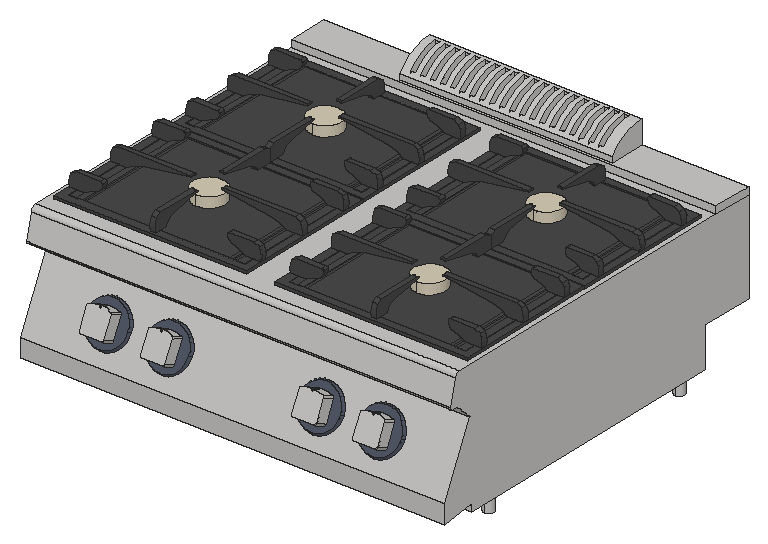
Revit family "QF_ZANUSSI_372147_Z7GCGH4C0A", category Specialty Equipment, Revit 2018 (continued)
Definition of nested family "QF_372001_BURNER"
  Forms (mm)
    Extrusion 4, solid
      sketch origin (454.964, -29.48, 5) x (0, -1, 0) y (0, 0, 1)
        loop
          arc (366.649, 850.85) -> (375.927, 861.743) -> (389.337, 866.736) r 28.426
          line (389.337, 866.736) -> (441.256, 877.043)
          arc (441.256, 877.043) -> (442.283, 878.312) -> (441.089, 879.425) r 1.197
          line (441.089, 879.425) -> (347.797, 879.425)
          arc (347.797, 879.425) -> (343.211, 875.934) -> (337.583, 874.694) r 13.39
          line (337.583, 874.694) -> (337.583, 850.85) -> (366.649, 850.85)
        loop
          arc (606.236, 850.85) -> (606.587, 862.948) -> (603.543, 874.663) r 42.876
          line (603.543, 874.663) -> (593.33, 879.425) -> (509.077, 879.425)
          arc (509.077, 879.425) -> (507.883, 878.312) -> (508.911, 877.043) r 1.197
          line (508.911, 877.043) -> (560.83, 866.736)
          arc (560.83, 866.736) -> (574.239, 861.743) -> (583.518, 850.85) r 28.426
          line (583.518, 850.85) -> (606.236, 850.85)
      from 262.464 to 272.464
    Extrusion 5, solid
      sketch origin (0, 0, 850.85) x (0, -1, 0) y (1, 0, 0)
        loop
          line (642.216, 6.433) -> (642.216, 368.567) -> (367.857, 368.567) -> (367.857, 6.433) -> (642.216, 6.433)
        loop
          line (382.857, 21.433) -> (627.216, 21.433) -> (627.216, 353.567) -> (382.857, 353.567) -> (382.857, 21.433)
      from 0 to 5
    Extrusion 6, solid
      sketch origin (-12.5, 0, 855.85) x (0, -1, 0) y (1, 0, 0)
        loop
          circle (504.356, 200) r 30
      from -1.321 to 17.134
    Extrusion 7, solid
      sketch origin (0, -734.127, 0) x (1, 0, 0) y (0, 0, -1)
        loop
          line (21.433, -855.85) -> (36.589, -855.85)
          arc (36.589, -855.85) -> (40.561, -855.243) -> (44.305, -853.783) r 18.259
          arc (44.305, -853.783) -> (45.997, -853.366) -> (47.69, -853.783) r 3.649
          arc (47.69, -853.783) -> (49.901, -854.522) -> (52.232, -854.529) r 7.328
          line (52.232, -854.529) -> (322.768, -854.529)
          arc (322.768, -854.529) -> (325.099, -854.522) -> (327.31, -853.783) r 7.328
          arc (327.31, -853.783) -> (329.003, -853.366) -> (330.695, -853.783) r 3.649
          arc (330.695, -853.783) -> (334.439, -855.243) -> (338.411, -855.85) r 18.259
          line (338.411, -855.85) -> (353.567, -855.85) -> (353.567, -850.85) -> (21.433, -850.85) -> (21.433, -855.85)
      from 106.911 to 351.27
  Lines and regions (mm)
    symbolic lines
      curve 1: line (6.433, -642.216, 150) -> (368.567, -642.216, 150)
      curve 2: line (6.433, -367.857, 150) -> (6.433, -642.216, 150)
      curve 3: line (368.567, -367.857, 150) -> (192.5, -367.857, 150)
      curve 4: line (368.567, -642.216, 150) -> (368.567, -367.857, 150)
      curve 5: line (353.567, -382.857, 150) -> (192.5, -382.857, 150)
      curve 6: line (353.567, -627.216, 150) -> (353.567, -607.064, 150)
      curve 7: line (21.433, -627.216, 150) -> (182.5, -627.216, 150)
      curve 8: line (21.433, -382.857, 150) -> (21.433, -402.064, 150)
      curve 9: line (52.232, -627.216, 150) -> (52.232, -607.064, 150)
      curve 10: line (322.567, -382.857, 150) -> (322.567, -402.064, 150)
      curve 11: line (148.125, -499.564, 150) -> (148.125, -382.857, 150)
      curve 12: line (154.375, -382.857, 150) -> (154.375, -499.564, 150)
      curve 13: arc (148.297, -509.564, 150) -> (159.191, -533.254, 150) -> (182.5, -544.942, 150) r 39.375
      curve 14: arc (220.42, -509.564, 150) -> (211.39, -528.832, 150) -> (192.5, -538.631, 150) r 33.125
      curve 15: line (220.625, -382.857, 150) -> (220.625, -499.564, 150)
      curve 16: line (226.875, -499.564, 150) -> (226.875, -382.857, 150)
      curve 17: line (192.5, -636.339, 150) -> (192.5, -535.619, 150)
      curve 18: arc (182.657, -474.75, 150) -> (166.195, -483.236, 150) -> (157.853, -499.771, 150) r 30
      curve 19: arc (192.224, -533.982, 150) -> (208.621, -525.661, 150) -> (217.084, -509.337, 150) r 30
      curve 20: line (368.567, -597.064, 150) -> (305.159, -597.064, 150)
      curve 21: line (6.433, -607.064, 150) -> (69.841, -607.064, 150)
      curve 22: line (6.433, -509.564, 150) -> (156.429, -509.564, 150)
      curve 23: line (368.567, -499.564, 150) -> (218.571, -499.564, 150)
      curve 24: line (6.433, -412.064, 150) -> (69.841, -412.064, 150)
      curve 25: line (368.567, -402.064, 150) -> (305.159, -402.064, 150)
      curve 26: line (69.841, -597.064, 150) -> (6.433, -597.064, 150)
      curve 27: line (305.159, -607.064, 150) -> (368.567, -607.064, 150)
      curve 28: line (69.841, -402.064, 150) -> (6.433, -402.064, 150)
      curve 29: line (305.159, -412.064, 150) -> (368.567, -412.064, 150)
      curve 30: arc (69.841, -597.064, 150) -> (74.841, -602.064, 150) -> (69.841, -607.064, 150) r 5
      curve 31: arc (305.159, -607.064, 150) -> (300.159, -602.064, 150) -> (305.159, -597.064, 150) r 5
      curve 32: arc (69.841, -402.064, 150) -> (74.841, -407.064, 150) -> (69.841, -412.064, 150) r 5
      curve 33: arc (305.159, -412.064, 150) -> (300.159, -407.064, 150) -> (305.159, -402.064, 150) r 5
      curve 34: line (21.433, -412.064, 150) -> (21.433, -499.564, 150)
      curve 35: line (52.232, -402.064, 150) -> (52.232, -382.857, 150)
      curve 36: line (21.433, -509.564, 150) -> (21.433, -597.064, 150)
      curve 37: line (52.232, -499.564, 150) -> (52.232, -412.064, 150)
      curve 38: line (52.232, -597.064, 150) -> (52.232, -509.564, 150)
      curve 39: line (21.433, -607.064, 150) -> (21.433, -627.216, 150)
      curve 40: line (322.567, -607.064, 150) -> (322.567, -627.216, 150)
      curve 41: line (353.567, -597.064, 150) -> (353.567, -509.564, 150)
      curve 42: line (322.567, -509.564, 150) -> (322.567, -597.064, 150)
      curve 43: line (353.567, -499.564, 150) -> (353.567, -412.064, 150)
      curve 44: line (353.567, -402.064, 150) -> (353.567, -382.857, 150)
      curve 45: line (322.567, -412.064, 150) -> (322.567, -499.564, 150)
      curve 46: line (156.429, -499.564, 150) -> (6.433, -499.564, 150)
      curve 47: line (218.571, -509.564, 150) -> (368.567, -509.564, 150)
      curve 48: arc (218.571, -499.564, 150) -> (213.571, -504.564, 150) -> (218.571, -509.564, 150) r 5
      curve 49: arc (156.429, -499.564, 150) -> (161.429, -504.564, 150) -> (156.429, -509.564, 150) r 5
      curve 50: arc (157.916, -509.337, 150) -> (166.379, -525.661, 150) -> (182.776, -533.982, 150) r 30
      curve 51: arc (217.147, -499.771, 150) -> (208.805, -483.236, 150) -> (192.343, -474.75, 150) r 30
      curve 52: line (182.5, -535.619, 150) -> (182.5, -636.339, 150)
      curve 53: line (192.5, -473.508, 150) -> (192.5, -367.064, 150)
      curve 54: arc (192.5, -535.619, 150) -> (187.5, -530.619, 150) -> (182.5, -535.619, 150) r 5
      curve 55: arc (192.5, -473.508, 150) -> (187.5, -478.508, 150) -> (182.5, -473.508, 150) r 5
      curve 56: line (182.5, -367.857, 150) -> (6.433, -367.857, 150)
      curve 57: line (182.5, -382.857, 150) -> (21.433, -382.857, 150)
      curve 58: arc (192.5, -404.571, 150) -> (196.398, -417.071, 150) -> (192.5, -429.571, 150) r 21.993
      curve 59: arc (196.181, -420.148, 150) -> (199.482, -417.071, 150) -> (196.181, -413.995, 150) r 3.084
      curve 60: arc (182.5, -404.571, 150) -> (178.602, -417.071, 150) -> (182.5, -429.571, 150) r 21.993
      curve 61: arc (178.819, -420.148, 150) -> (175.518, -417.071, 150) -> (178.819, -413.995, 150) r 3.084
      curve 62: line (182.5, -367.064, 150) -> (182.5, -473.508, 150)
      curve 63: arc (182.5, -538.631, 150) -> (163.61, -528.832, 150) -> (154.58, -509.564, 150) r 33.125
      curve 64: arc (192.5, -544.942, 150) -> (215.809, -533.254, 150) -> (226.703, -509.564, 150) r 39.375
      curve 65: line (182.5, -636.339, 150) -> (192.5, -636.339, 150)
      curve 66: line (182.5, -377.277, 150) -> (192.5, -377.277, 150)
      curve 67: line (182.5, -367.064, 150) -> (192.5, -367.064, 150)
      curve 68: line (192.5, -627.216, 150) -> (353.567, -627.216, 150)
  Dimensions and locks
    equal spacing: plane 3 "LEFT", plane 7 "Center Y", plane 4 "RIGHT"
    plane 3 "LEFT" to plane 4 "RIGHT" = 800 mm
    equal spacing: plane 5 "FRONT", plane 8 "Center X", plane 1 "BACK"
    plane 5 "FRONT" to plane 1 "BACK" = 700 mm
    plane 6 "TOP" to level = 908.85 mm
    plane 9 "Base" to level = 150 mm
    plane 6 "TOP" to plane 10 = 58 mm  (x2)
    aligned and locked: level to plane 2
  Automatic sketch dimensions
    Extrusion 5 sketch curve to Extrusion 5 sketch curve = 15 mm  (x2)
    Extrusion 5 sketch curve to Extrusion 5 sketch curve = 332.134 mm
    plane 3 "LEFT" to Extrusion 2 sketch curve = 7.056 mm
    plane 3 "LEFT" to Extrusion 2 sketch curve = 9.748 mm
    Extrusion 2 sketch curve to Extrusion 2 sketch curve = 10.213 mm  (x2)
    plane 10 to Extrusion 2 sketch curve = 5 mm  (x2)
    Extrusion 2 sketch curve to Extrusion 2 sketch curve = 29.533 mm
    Extrusion 2 sketch curve to Extrusion 2 sketch curve = 12.72 mm  (x2)
    Extrusion 2 sketch curve to Extrusion 2 sketch curve = 6.697 mm
    Extrusion 2 sketch curve to Extrusion 2 sketch curve = 8.81 mm
    Extrusion 2 sketch curve to Extrusion 2 sketch curve = 9.845 mm  (x2)
    Extrusion 2 sketch curve to Extrusion 2 sketch curve = 3.99 mm  (x2)
    Extrusion 2 sketch curve to Extrusion 2 sketch curve = 0 mm  (x2)
    Extrusion 2 sketch curve to Extrusion 2 sketch curve = 36.813 mm
    Extrusion 2 sketch curve to plane 7 "Center Y" = 111.122 mm
    Extrusion 2 sketch curve to plane 6 "TOP" = 28.141 mm
    Extrusion 2 sketch curve to plane 7 "Center Y" = 94.841 mm
    Extrusion 2 sketch curve to Extrusion 2 sketch curve = 1.035 mm
    Extrusion 2 sketch curve to Extrusion 2 sketch curve = 15.507 mm
    Extrusion 2 sketch curve to Extrusion 2 sketch curve = 16.628 mm
    Extrusion 2 sketch curve to Extrusion 2 sketch curve = 2.692 mm
    Extrusion 2 sketch curve to plane 6 "TOP" = 24.425 mm
    Extrusion 2 sketch curve to Extrusion 2 sketch curve = 28.575 mm
    Extrusion 2 sketch curve to Extrusion 2 sketch curve = 3.716 mm
    Extrusion 2 sketch curve to Extrusion 2 sketch curve = 4.763 mm  (x2)
    plane 3 "LEFT" to Extrusion 1 sketch curve = 7.142 mm
    plane 3 "LEFT" to Extrusion 1 sketch curve = 9.761 mm
    Extrusion 1 sketch curve to Extrusion 1 sketch curve = 10.201 mm  (x2)
    plane 10 to Extrusion 1 sketch curve = 5 mm  (x2)
    Extrusion 1 sketch curve to Extrusion 1 sketch curve = 29.447 mm
    Extrusion 1 sketch curve to Extrusion 1 sketch curve = 12.704 mm  (x2)
    Extrusion 1 sketch curve to Extrusion 1 sketch curve = 15.555 mm  (x2)
    Extrusion 1 sketch curve to Extrusion 1 sketch curve = 36.829 mm
    Extrusion 1 sketch curve to plane 6 "TOP" = 24.425 mm  (x2)
    Extrusion 1 sketch curve to Extrusion 1 sketch curve = 92.491 mm
    Extrusion 1 sketch curve to plane 6 "TOP" = 26.807 mm  (x2)
    Extrusion 1 sketch curve to Extrusion 1 sketch curve = 0.167 mm  (x2)
    Extrusion 1 sketch curve to Extrusion 1 sketch curve = 59.988 mm
    Extrusion 1 sketch curve to plane 7 "Center Y" = 111.122 mm
    plane 10 to Extrusion 1 sketch curve = 18.171 mm
    Extrusion 1 sketch curve to Extrusion 1 sketch curve = 21.274 mm
    Extrusion 1 sketch curve to Extrusion 1 sketch curve = 16.628 mm
    Extrusion 1 sketch curve to Extrusion 1 sketch curve = 2.618 mm
    Extrusion 1 sketch curve to Extrusion 1 sketch curve = 4.673 mm  (x2)
    Extrusion 1 sketch curve to Extrusion 1 sketch curve = 5.694 mm
    plane 3 "LEFT" to Extrusion 3 sketch curve = 7.056 mm
    plane 3 "LEFT" to Extrusion 3 sketch curve = 9.748 mm
    Extrusion 3 sketch curve to Extrusion 3 sketch curve = 10.213 mm  (x2)
    plane 10 to Extrusion 3 sketch curve = 5 mm  (x2)
    Extrusion 3 sketch curve to Extrusion 3 sketch curve = 29.533 mm
    Extrusion 3 sketch curve to Extrusion 3 sketch curve = 12.72 mm  (x2)
    Extrusion 3 sketch curve to Extrusion 3 sketch curve = 6.697 mm
    Extrusion 3 sketch curve to Extrusion 3 sketch curve = 8.81 mm
    Extrusion 3 sketch curve to Extrusion 3 sketch curve = 9.845 mm  (x2)
    Extrusion 3 sketch curve to Extrusion 3 sketch curve = 3.99 mm  (x2)
    Extrusion 3 sketch curve to Extrusion 3 sketch curve = 0 mm  (x2)
    Extrusion 3 sketch curve to Extrusion 3 sketch curve = 36.813 mm
    Extrusion 3 sketch curve to plane 7 "Center Y" = 111.122 mm
    Extrusion 3 sketch curve to plane 6 "TOP" = 28.141 mm
    Extrusion 3 sketch curve to plane 7 "Center Y" = 94.841 mm
    Extrusion 3 sketch curve to Extrusion 3 sketch curve = 1.035 mm
    Extrusion 3 sketch curve to Extrusion 3 sketch curve = 15.507 mm
    Extrusion 3 sketch curve to Extrusion 3 sketch curve = 16.628 mm
    Extrusion 3 sketch curve to Extrusion 3 sketch curve = 2.692 mm
    Extrusion 3 sketch curve to plane 10 = 64.377 mm  (x2)
    plane 10 to Extrusion 3 sketch curve = 12.281 mm  (x2)
    Extrusion 3 sketch curve to Extrusion 3 sketch curve = 10.713 mm
    Extrusion 5 to Extrusion 6 sketch curve = 121.499 mm
    Extrusion 5 to Extrusion 6 sketch curve = 166.067 mm
    plane 3 "LEFT" to Extrusion 5 sketch curve = 21.433 mm
    Extrusion 5 sketch curve to plane 5 "FRONT" = 72.784 mm
    plane 3 "LEFT" to Extrusion 7 sketch curve = 21.433 mm
    Extrusion 7 sketch curve to Extrusion 7 sketch curve = 14.402 mm
    plane 10 to Extrusion 7 sketch curve = 5 mm
    plane 10 to Extrusion 7 sketch curve = 2.933 mm  (x4)
    Extrusion 7 sketch curve to Extrusion 7 sketch curve = 7.716 mm  (x2)
    Extrusion 7 sketch curve to Extrusion 7 sketch curve = 0 mm  (x2)
    Extrusion 7 sketch curve to Extrusion 7 sketch curve = 1.692 mm  (x2)
    Extrusion 7 sketch curve to Extrusion 7 sketch curve = 3.385 mm  (x2)
    Extrusion 7 sketch curve to plane 10 = 3.559 mm  (x2)
    Extrusion 7 sketch curve to Extrusion 7 sketch curve = 302.478 mm
    Extrusion 7 sketch curve to Extrusion 7 sketch curve = 15.253 mm
    Extrusion 7 sketch curve to Extrusion 7 sketch curve = 15.156 mm  (x2)
    Extrusion 7 sketch curve to Extrusion 7 sketch curve = 3.233 mm
    Extrusion 7 sketch curve to plane 10 = 0 mm
    Extrusion 7 sketch curve to plane 7 "Center Y" = 77.232 mm
    Extrusion 5 sketch curve to plane 8 "Center X" = 32.857 mm
    plane 3 "LEFT" to Extrusion 5 sketch curve = 6.433 mm
    plane 1 "BACK" to Extrusion 5 sketch curve = 367.857 mm
    plane 10 to Extrusion 4 sketch curve = 5 mm  (x2)
    Extrusion 4 sketch curve to Extrusion 4 sketch curve = 29.066 mm
    Extrusion 4 sketch curve to Extrusion 4 sketch curve = 22.688 mm
    Extrusion 4 sketch curve to plane 10 = 7.392 mm  (x2)
    Extrusion 4 sketch curve to Extrusion 4 sketch curve = 25.583 mm
    Extrusion 4 sketch curve to plane 6 "TOP" = 24.425 mm  (x2)
    Extrusion 4 sketch curve to Extrusion 4 sketch curve = 51.752 mm
    Extrusion 4 sketch curve to Extrusion 4 sketch curve = 0.167 mm  (x2)
    Extrusion 4 sketch curve to plane 6 "TOP" = 26.807 mm
    Extrusion 4 sketch curve to Extrusion 4 sketch curve = 67.655 mm
    Extrusion 4 sketch curve to Extrusion 4 sketch curve = 49.024 mm
    Extrusion 4 sketch curve to Extrusion 4 sketch curve = 2.895 mm
    Extrusion 4 sketch curve to Extrusion 4 sketch curve = 3.153 mm
    Extrusion 4 sketch curve to Extrusion 4 sketch curve = 19.535 mm
    Extrusion 4 sketch curve to Extrusion 4 sketch curve = 9.813 mm
    Extrusion 4 sketch curve to Extrusion 4 sketch curve = 10.213 mm
    Extrusion 4 sketch curve to Extrusion 4 sketch curve = 22.718 mm
    Extrusion 4 sketch curve to Extrusion 4 sketch curve = 8.605 mm
    Extrusion 4 sketch curve to Extrusion 4 sketch curve = 4.731 mm
    Extrusion 4 sketch curve to Extrusion 4 sketch curve = 2.382 mm
    Extrusion 4 sketch curve to Extrusion 4 sketch curve = 8.658 mm
    Extrusion 4 sketch curve to plane 8 "Center X" = 17.064 mm
    curve 13 to curve 14 = 0 mm  (x2)
    curve 13 to curve 63 = 0 mm  (x2)
    curve 13 to curve 64 = 0 mm  (x2)
    curve 18 to curve 19 = 0 mm  (x2)
    curve 18 to curve 50 = 0 mm  (x2)
    curve 18 to curve 51 = 0 mm  (x2)
    curve 25 to plane 7 "Center Y" = 31.433 mm
    curve 3 to curve 44 = 15 mm
    curve 43 to curve 44 = 0 mm
    curve 1 to curve 68 = 15 mm
    curve 41 to curve 43 = 0 mm
    curve 6 to curve 40 = 31 mm
    curve 41 to curve 42 = 31 mm
    curve 43 to curve 45 = 31 mm
    curve 10 to curve 45 = 0 mm
    curve 40 to curve 27 = 17.408 mm
    curve 45 to curve 29 = 17.408 mm
    curve 16 to curve 64 = 0.172 mm
    curve 16 to curve 15 = 6.25 mm
    curve 64 to curve 14 = 6.283 mm
    curve 15 to curve 23 = 2.054 mm
    curve 23 to curve 51 = 1.424 mm
    curve 47 to curve 19 = 1.487 mm
    curve 15 to curve 60 = 20.029 mm
    curve 60 to curve 59 = 4.198 mm
    curve 59 to curve 59 = 0.216 mm  (x2)
    curve 19 to curve 64 = 24.584 mm
    curve 55 to curve 51 = 0.157 mm
    curve 54 to curve 19 = 0.276 mm
    curve 19 to curve 64 = 4.724 mm
    curve 18 to curve 13 = 0 mm
    curve 54 to curve 54 = 5 mm
    curve 50 to curve 54 = 0.276 mm
    curve 18 to curve 55 = 0.157 mm
    curve 60 to curve 61 = 3.681 mm
    curve 61 to curve 61 = 0 mm
    curve 61 to curve 61 = 0.216 mm
    curve 61 to curve 58 = 4.198 mm
    curve 13 to curve 50 = 29.584 mm
    curve 50 to curve 18 = 0.064 mm
    curve 50 to curve 22 = 1.487 mm
    curve 22 to curve 63 = 1.849 mm
    curve 49 to curve 12 = 2.054 mm
    curve 63 to curve 13 = 6.283 mm
    curve 12 to curve 11 = 6.25 mm
    plane 3 "LEFT" to curve 30 = 69.841 mm
    plane 3 "LEFT" to curve 28 = 69.841 mm
    plane 3 "LEFT" to curve 38 = 52.232 mm
    curve 24 to curve 37 = 17.609 mm
    curve 9 to curve 38 = 0 mm
    curve 28 to curve 35 = 17.609 mm
    plane 3 "LEFT" to curve 39 = 21.433 mm
    plane 3 "LEFT" to curve 8 = 21.433 mm
    curve 34 to curve 8 = 0 mm
    curve 36 to curve 34 = 0 mm
    plane 3 "LEFT" to curve 21 = 6.433 mm
    curve 67 to curve 56 = 0.794 mm
    curve 67 to curve 3 = 0.794 mm
    curve 56 to curve 66 = 9.419 mm
    curve 10 to curve 33 = 19.206 mm
    curve 8 to curve 8 = 19.206 mm
    curve 57 to curve 60 = 21.714 mm
    curve 60 to curve 58 = 0 mm
    curve 28 to curve 32 = 5 mm
    curve 33 to curve 33 = 5 mm
    curve 58 to curve 59 = 9.423 mm
    curve 61 to curve 58 = 3.077 mm
    curve 60 to curve 62 = 43.937 mm
    curve 51 to curve 15 = 24.814 mm
    curve 23 to curve 51 = 0.207 mm
    curve 18 to curve 13 = 1.529 mm
    curve 38 to curve 38 = 87.5 mm
    curve 42 to curve 31 = 87.5 mm
    curve 26 to curve 30 = 5 mm
    curve 31 to curve 31 = 5 mm
    curve 9 to curve 9 = 20.152 mm
    curve 65 to plane 5 "FRONT" = 63.661 mm
    curve 6 to curve 4 = 15 mm
    curve 55 to curve 55 = 5 mm
    curve 53 to curve 18 = 5 mm
    curve 45 to curve 16 = 95.692 mm
    curve 2 to curve 57 = 15 mm
    curve 10 to plane 8 "Center X" = 32.857 mm
    curve 57 to plane 8 "Center X" = 32.857 mm
    curve 6 to curve 68 = 20.152 mm
    radius of Extrusion 6 sketch curve = 30 mm
